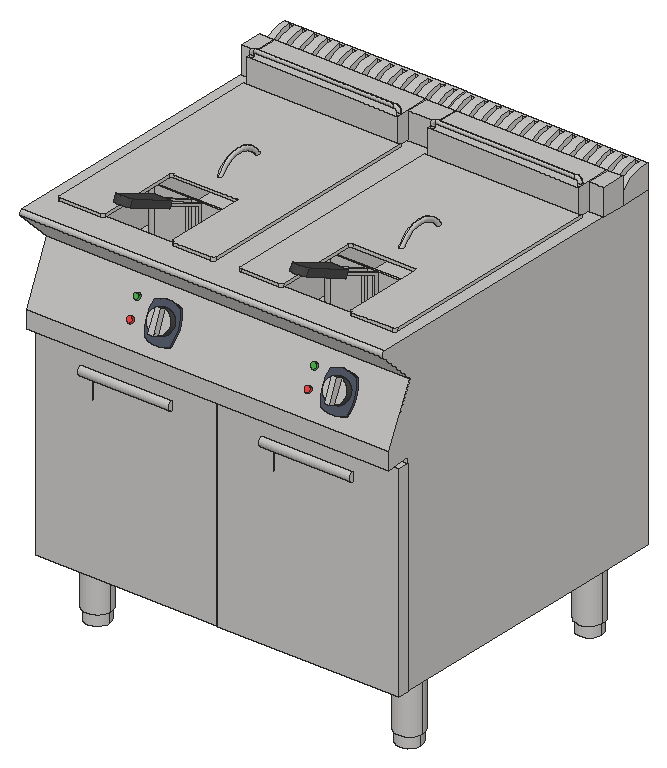
Revit family "QF_ELECTROLUXPROFESSIONAL_371085_E7FREH2FF0", category Specialty Equipment, Revit 2018
Family settings
  Round Connector Dimension = Use Diameter
  Part Type = Normal
  Work Plane-Based = No
  Always vertical = Yes
  Cut with Voids When Loaded = No
  Shared = No
  Room Calculation Point = No
Parameters
  Width = 800 mm  # constant formula
  Weight in Pounds = 179  # constant formula
  Watts = 17400 VA  # 17400 W
  Volts = 400 V  # constant formula
  URL Cutsheet = "www.electrolux.com/foodservice"
  URL = "www.electrolux.com/foodservice"
  Type Mark [instance] = ""
  Status [instance] = ""
  Specification by User [instance] = ""
  Specification by Manufacturer = ""
  Show Logo [instance] = yes
  Show Clearance [instance] = yes
  Serial Number = ""
  Seismic Rating = ""
  SMACNA No = ""
  Revision Code [instance] = ""
  Phase = 3  # constant formula
  Omniclass Number and Title = ""
  Number of Poles [instance] = 1
  NAFEM Spec ID Number = ""
  Model = "371085"
  Min Ckt Ampacity = 0 A
  Max Overcurrent Protection = 0 A
  Masterspec = ""
  Manufacturer = "ELECTROLUX"
  Item Number [instance] = ""
  Installed By [instance] = ""
  Identify Quantity as Lot [instance] = yes
  Height = 333 mm  # constant formula
  HP = "23.3 HP"
  Furnished By [instance] = ""
  Foodservice Equipment Identifier [instance] = yes
  FL Amps = if(Phase = 3, Watts / (Volts * 1.73), Watts / Volts)  # 25.1445 A
  Electrical Remarks [instance] = "400 V/3N ph/50/60 Hz"  # constant formula
  Electric Connection Type [instance] = ""
  Elec Conn RI Height [instance] = 0 mm
  Elec Conn Connection Height [instance] = 0 mm
  Direct Waste Size = 0"
  Description = "700XP Two 14 Lt. Wells Freestanding Electric Fryer - 400V"
  Depth = 730 mm  # constant formula
  Cycle = if([60 Hertz Option], 60 Hz, 50 Hz)  # 60 Hz
  Conn Plug = ""
  Conn Conduit = yes
  CSI MasterFormat = ""
  CSI Master Format = ""
  Base Height [instance] = 150 mm  # constant formula
  Apparent Power = if(Phase = 3, Volts * FL Amps * 1.73, Volts * FL Amps)  # 17400 VA
  60 Hertz Option = not([50 Hertz Option])  # yes
  50 Hertz Option = no
Reference planes
  plane 1 "BACK": y = 0
  plane 2: z = 0
  plane 3 "LEFT": x = 0
  plane 4 "RIGHT": x = 800
  plane 5 "FRONT": y = -730
  plane 6 "TOP": z = 905.238
  plane 7 "Center Y": x = 400
  plane 8 "Center X": y = -365
  plane 9 "BASE": z = 601
  plane 10 "TOP A": z = 850.238
  plane 11: y = -597.884
  plane 12: y = -147.637
  plane 13: z = 942.313
  plane 14: z = 150
Forms (mm)
  Extrusion 1, solid, material "QF_Finishes_Stainless Steel"
    sketch origin (0, 0, 0) x (0, 1, 0) y (0, 0, 1)
      loop
        line (0, 850.237) -> (-725.027, 850.237)
        arc (-725.027, 850.237) -> (-730.893, 846.318) -> (-729.517, 839.397) r 6.35
        line (-729.517, 839.397) -> (-657.416, 767.047) -> (-713.522, 646.19) -> (-713.522, 608.09) -> (-660.4, 613.7) -> (-660.4, 150) -> (0, 150) -> (0, 850.237)
      loop
        line (-661.987, 601) -> (-687.387, 601) -> (-687.387, 150) -> (-661.987, 150) -> (-661.987, 601)
    from 0 to 800
  Extrusion 2, solid, material "QF_Finishes_Stainless Steel"
    sketch origin (0, 0, 0) x (0, 1, 0) y (0, 0, 1)
      loop
        line (0, 850.237) -> (0, 905.237)
        arc (0, 905.237) -> (-38.078, 897.879) -> (-69.85, 875.637) r 93.057
        line (-69.85, 875.637) -> (-69.85, 850.237) -> (0, 850.237)
    from 0 to 800
  Extrusion 3, void
    sketch origin (0, 0, 850.238) x (-1, 0, 0) y (0, -1, 0)
      loop
        line (-33.338, 147.762) -> (-33.338, 655.762) -> (-373.012, 655.762) -> (-373.012, 147.762) -> (-33.338, 147.762)
      loop
        line (-766.662, 655.762) -> (-766.662, 147.762) -> (-426.988, 147.762) -> (-426.988, 655.762) -> (-766.662, 655.762)
    from 0 to -152.4
  Extrusion 4, void
    sketch origin (0, 0, 850.238) x (-1, 0, 0) y (0, -1, 0)
      loop
        line (-13.453, 6.761) -> (-13.453, 63.911) -> (-22.749, 63.911) -> (-22.749, 6.761) -> (-13.453, 6.761)
    from 25.4 to 63.5
  Extrusion 5, solid, material "QF_Finishes_Navy Blue"
    sketch origin (75, -713.522, 646.19) x (0, 0.421077, 0.907025) y (-1, 0, 0)
      loop
        arc (101.077, -565.788) -> (66.2, -558.771) -> (31.333, -565.832) r 89.894
        arc (31.333, -565.832) -> (24.638, -594.363) -> (31.333, -622.893) r 64.14
        arc (31.333, -622.893) -> (66.2, -629.955) -> (101.077, -622.938) r 89.894
        arc (101.077, -622.938) -> (107.792, -594.363) -> (101.077, -565.788) r 64.16
      loop
        arc (101.077, -176.965) -> (66.2, -169.948) -> (31.333, -177.01) r 89.894
        arc (31.333, -177.01) -> (24.638, -205.54) -> (31.333, -234.071) r 64.14
        arc (31.333, -234.071) -> (66.2, -241.136) -> (101.077, -234.115) r 89.853
        arc (101.077, -234.115) -> (107.792, -205.54) -> (101.077, -176.965) r 64.16
    from 0 to 3.175
  Extrusion 6, solid, material "QF_Finishes_Stainless Steel"
    sketch origin (75, -716.402, 647.527) x (0, 0.421077, 0.907025) y (-1, 0, 0)
      loop
        circle (68.826, -594.351) r 25.4
      loop
        circle (68.826, -205.413) r 25.4
    from 0 to 12.7
  Extrusion 7, solid, material "QF_Finishes_Stainless Steel"
    sketch origin (75, -727.921, 652.875) x (0, 0.421077, 0.907025) y (-1, 0, 0)
      loop
        arc (93.558, -600.137) -> (94.226, -594.351) -> (93.558, -588.564) r 25.4
        line (93.558, -588.564) -> (44.094, -588.564)
        arc (44.094, -588.564) -> (43.426, -594.351) -> (44.094, -600.137) r 25.4
        line (44.094, -600.137) -> (93.558, -600.137)
      loop
        arc (93.558, -211.199) -> (94.226, -205.413) -> (93.558, -199.627) r 25.4
        line (93.558, -199.627) -> (44.094, -199.627)
        arc (44.094, -199.627) -> (43.426, -205.413) -> (44.094, -211.199) r 25.4
        line (44.094, -211.199) -> (93.558, -211.199)
    from 0 to 12.7
  Extrusion 8, solid, material "QF_Finishes_Green"
    sketch origin (75, -713.522, 646.19) x (0, 0.421077, 0.907025) y (-1, 0, 0)
      loop
        circle (93.566, -530.485) r 6.35
      loop
        circle (93.566, -138.473) r 6.35
    from 0 to 3.175
  Extrusion 9, solid, material "QF_Finishes_Red"
    sketch origin (75, -713.522, 646.19) x (0, 0.421077, 0.907025) y (-1, 0, 0)
      loop
        circle (50.809, -530.485) r 6.35
      loop
        circle (50.809, -138.473) r 6.35
    from 0 to 3.175
  Extrusion 10, solid, material "QF_Finishes_Clearance", visible <- "Show Clearance", detail levels coarse
    sketch origin (0, 0, 0) x (1, 0, 0) y (0, 1, 0)
      loop
        line (0, -731.377) -> (0, 0) -> (800, 0) -> (800, -731.377) -> (950.019, -731.377) -> (950.019, 150.019) -> (-150.019, 150.019) -> (-150.019, -731.377) -> (0, -731.377)
    from 0 to 905.237
  Extrusion 11, solid, material "QF_Finishes_Stainless Steel"
    sketch origin (-77.88, -4572, 850.238) x (-1, 0, 0) y (0, -1, 0)
      loop
        arc (-104.867, -3916.238) -> (-106.727, -3911.748) -> (-111.217, -3909.888) r 6.35
        line (-111.217, -3909.888) -> (-200.117, -3909.888)
        arc (-200.117, -3909.888) -> (-204.607, -3911.748) -> (-206.467, -3916.238) r 6.35
        line (-206.467, -3916.238) -> (-206.467, -4090.988)
        arc (-206.467, -4090.988) -> (-208.327, -4095.479) -> (-212.817, -4097.338) r 6.35
        line (-212.817, -4097.338) -> (-349.292, -4097.338)
        arc (-349.292, -4097.338) -> (-353.782, -4095.479) -> (-355.642, -4090.988) r 6.35
        line (-355.642, -4090.988) -> (-355.642, -3916.238)
        arc (-355.642, -3916.238) -> (-357.502, -3911.748) -> (-361.992, -3909.888) r 6.35
        line (-361.992, -3909.888) -> (-444.542, -3909.888)
        arc (-444.542, -3909.888) -> (-449.032, -3911.748) -> (-450.892, -3916.238) r 6.35
        line (-450.892, -3916.238) -> (-450.892, -4424.238) -> (-104.867, -4424.238) -> (-104.867, -3916.238)
      loop
        line (-850.892, -3916.238) -> (-850.892, -4424.238) -> (-504.867, -4424.238) -> (-504.867, -3916.238)
        arc (-504.867, -3916.238) -> (-506.727, -3911.748) -> (-511.217, -3909.888) r 6.35
        line (-511.217, -3909.888) -> (-593.767, -3909.888)
        arc (-593.767, -3909.888) -> (-598.257, -3911.748) -> (-600.117, -3916.238) r 6.35
        line (-600.117, -3916.238) -> (-600.117, -4090.988)
        arc (-600.117, -4090.988) -> (-601.977, -4095.479) -> (-606.467, -4097.338) r 6.35
        line (-606.467, -4097.338) -> (-742.942, -4097.338)
        arc (-742.942, -4097.338) -> (-747.432, -4095.479) -> (-749.292, -4090.988) r 6.35
        line (-749.292, -4090.988) -> (-749.292, -3916.238)
        arc (-749.292, -3916.238) -> (-751.152, -3911.748) -> (-755.642, -3909.888) r 6.35
        line (-755.642, -3909.888) -> (-844.542, -3909.888)
        arc (-844.542, -3909.888) -> (-849.032, -3911.748) -> (-850.892, -3916.238) r 6.35
    from 0 to 6.35
  Extrusion 12, solid, material "QF_Finishes_Black"
    sketch origin (271.462, -708.83, 942.26) x (0, 0.906308, -0.422618) y (-1, 0, 0)
      loop
        line (10.103, 47.37) -> (128.716, 47.37) -> (128.716, 84.605) -> (10.103, 84.605)
        arc (10.103, 84.605) -> (-0.124, 65.987) -> (10.103, 47.37) r 22.059
    from -15.884 to 0
  Extrusion 13, solid, material "QF_Finishes_Stainless Steel"
    sketch origin (271.463, 41.275, 0) x (0, 1, 0) y (0, 0, 1)
      loop
        line (-547.91, 741.238) -> (-547.91, 842.715) -> (-635.463, 883.542) -> (-638.147, 877.787) -> (-554.26, 838.67) -> (-554.26, 741.238) -> (-547.91, 741.238)
    from -80.476 to -74.619
  Extrusion 14, solid, material "QF_Finishes_Stainless Steel"
    sketch origin (139.588, 41.275, 0) x (0, 1, 0) y (0, 0, -1)
      loop
        line (-554.26, -838.67) -> (-638.147, -877.787) -> (-635.463, -883.542) -> (-547.91, -842.715) -> (-547.91, -741.238) -> (-554.26, -741.238) -> (-554.26, -838.67)
    from -80.476 to -74.619
  Sweep 15, solid, material "QF_Finishes_Stainless Steel"
    path origin (200.025, -0.124, 0) x (0, 1, 0) y (0, 0, 1)
      loop
        arc (-323.261, 850.238) -> (-377.7, 884.016) -> (-432.139, 850.238) r 60.757
    profile origin (200.025, -377.824, 884.016) x (0, 0, -1) y (1, 0, 0)
      loop
        circle (0, 0) r 4.353
  Sweep 16, solid, material "QF_Finishes_Stainless Steel"
    path origin (600.075, -0.124, 0) x (0, 1, 0) y (0, 0, -1)
      loop
        arc (-323.261, -850.238) -> (-377.7, -884.016) -> (-432.139, -850.238) r 60.757
    profile origin (600.075, -377.824, 884.016) x (0, 0, 1) y (-1, 0, 0)
      loop
        circle (0, 0) r 4.353
  Extrusion 17, solid, material "QF_Finishes_Black"
    sketch origin (528.637, -708.83, 942.26) x (0, 0.906308, -0.422618) y (-1, 0, 0)
      loop
        arc (10.103, -47.27) -> (-0.124, -65.887) -> (10.103, -84.505) r 22.059
        line (10.103, -84.505) -> (128.716, -84.505) -> (128.716, -47.27) -> (10.103, -47.27)
    from -15.884 to 0
  Extrusion 18, solid, material "QF_Finishes_Mesh"
    sketch origin (0, 0, 850.238) x (-1, 0, 0) y (0, -1, 0)
      loop
        arc (-116.625, 189.135) -> (-98.665, 196.575) -> (-91.225, 214.535) r 25.4
        line (-91.225, 214.535) -> (-91.225, 481.11)
        arc (-91.225, 481.11) -> (-98.665, 499.071) -> (-116.625, 506.51) r 25.4
        line (-116.625, 506.51) -> (-294.375, 506.51)
        arc (-294.375, 506.51) -> (-312.336, 499.071) -> (-319.775, 481.11) r 25.4
        line (-319.775, 481.11) -> (-319.775, 214.535)
        arc (-319.775, 214.535) -> (-312.336, 196.575) -> (-294.375, 189.135) r 25.4
        line (-294.375, 189.135) -> (-116.625, 189.135)
      loop
        arc (-116.625, 192.31) -> (-100.91, 198.82) -> (-94.4, 214.535) r 22.225
        line (-94.4, 214.535) -> (-94.4, 481.11)
        arc (-94.4, 481.11) -> (-100.91, 496.826) -> (-116.625, 503.335) r 22.225
        line (-116.625, 503.335) -> (-294.375, 503.335)
        arc (-294.375, 503.335) -> (-310.091, 496.826) -> (-316.6, 481.11) r 22.225
        line (-316.6, 481.11) -> (-316.6, 214.535)
        arc (-316.6, 214.535) -> (-310.091, 198.82) -> (-294.375, 192.31) r 22.225
        line (-294.375, 192.31) -> (-116.625, 192.31)
      loop
        line (-683.375, 189.135) -> (-505.625, 189.135)
        arc (-505.625, 189.135) -> (-487.664, 196.575) -> (-480.225, 214.535) r 25.4
        line (-480.225, 214.535) -> (-480.225, 481.11)
        arc (-480.225, 481.11) -> (-487.664, 499.071) -> (-505.625, 506.51) r 25.4
        line (-505.625, 506.51) -> (-683.375, 506.51)
        arc (-683.375, 506.51) -> (-701.335, 499.071) -> (-708.775, 481.11) r 25.4
        line (-708.775, 481.11) -> (-708.775, 214.535)
        arc (-708.775, 214.535) -> (-701.335, 196.575) -> (-683.375, 189.135) r 25.4
      loop
        line (-683.375, 192.31) -> (-505.625, 192.31)
        arc (-505.625, 192.31) -> (-489.909, 198.82) -> (-483.4, 214.535) r 22.225
        line (-483.4, 214.535) -> (-483.4, 481.11)
        arc (-483.4, 481.11) -> (-489.909, 496.826) -> (-505.625, 503.335) r 22.225
        line (-505.625, 503.335) -> (-683.375, 503.335)
        arc (-683.375, 503.335) -> (-699.09, 496.826) -> (-705.6, 481.11) r 22.225
        line (-705.6, 481.11) -> (-705.6, 214.535)
        arc (-705.6, 214.535) -> (-699.09, 198.82) -> (-683.375, 192.31) r 22.225
    from -109 to -5.315
  Extrusion 19, solid, material "QF_Finishes_Stainless Steel"
    sketch origin (528.637, 41.275, 0) x (0, 1, 0) y (0, 0, -1)
      loop
        line (-547.91, -741.238) -> (-554.26, -741.238) -> (-554.26, -838.67) -> (-638.147, -877.787) -> (-635.463, -883.542) -> (-547.91, -842.715) -> (-547.91, -741.238)
    from -80.476 to -74.619
  Extrusion 20, solid, material "QF_Finishes_Stainless Steel"
    sketch origin (660.512, 41.275, 0) x (0, 1, 0) y (0, 0, 1)
      loop
        line (-554.26, 838.67) -> (-554.26, 741.238) -> (-547.91, 741.238) -> (-547.91, 842.715) -> (-635.463, 883.542) -> (-638.147, 877.787) -> (-554.26, 838.67)
    from -80.476 to -74.619
  Extrusion 21, void
    sketch origin (361.95, 0, 850.237) x (-1, 0, 0) y (0, -1, 0)
      loop
        line (-13.403, 6.761) -> (-13.403, 63.911) -> (-22.699, 63.911) -> (-22.699, 6.761) -> (-13.403, 6.761)
    from 25.4 to 63.5
  Extrusion 22, void
    sketch origin (27.842, 0, 850.238) x (-1, 0, 0) y (0, -1, 0)
      loop
        line (-13.453, 6.761) -> (-13.453, 63.911) -> (-22.749, 63.911) -> (-22.749, 6.761) -> (-13.453, 6.761)
    from 25.4 to 63.5
  Extrusion 23, void
    sketch origin (55.685, 0, 850.238) x (-1, 0, 0) y (0, -1, 0)
      loop
        line (-13.453, 6.761) -> (-13.453, 63.911) -> (-22.749, 63.911) -> (-22.749, 6.761) -> (-13.453, 6.761)
    from 25.4 to 63.5
  Extrusion 24, void
    sketch origin (83.527, 0, 850.238) x (-1, 0, 0) y (0, -1, 0)
      loop
        line (-13.453, 6.761) -> (-13.453, 63.911) -> (-22.749, 63.911) -> (-22.749, 6.761) -> (-13.453, 6.761)
    from 25.4 to 63.5
  Extrusion 25, void
    sketch origin (111.369, 0, 850.237) x (-1, 0, 0) y (0, -1, 0)
      loop
        line (-13.453, 6.761) -> (-13.453, 63.911) -> (-22.749, 63.911) -> (-22.749, 6.761) -> (-13.453, 6.761)
    from 25.4 to 63.5
  Extrusion 26, void
    sketch origin (139.212, 0, 850.237) x (-1, 0, 0) y (0, -1, 0)
      loop
        line (-13.453, 6.761) -> (-13.453, 63.911) -> (-22.749, 63.911) -> (-22.749, 6.761) -> (-13.453, 6.761)
    from 25.4 to 63.5
  Extrusion 27, void
    sketch origin (167.054, 0, 850.237) x (-1, 0, 0) y (0, -1, 0)
      loop
        line (-13.453, 6.761) -> (-13.453, 63.911) -> (-22.749, 63.911) -> (-22.749, 6.761) -> (-13.453, 6.761)
    from 25.4 to 63.5
  Extrusion 28, void
    sketch origin (194.896, 0, 850.237) x (-1, 0, 0) y (0, -1, 0)
      loop
        line (-13.403, 6.761) -> (-13.403, 63.911) -> (-22.699, 63.911) -> (-22.699, 6.761) -> (-13.403, 6.761)
    from 25.4 to 63.5
  Extrusion 29, void
    sketch origin (222.738, 0, 850.237) x (-1, 0, 0) y (0, -1, 0)
      loop
        line (-13.403, 6.761) -> (-13.403, 63.911) -> (-22.699, 63.911) -> (-22.699, 6.761) -> (-13.403, 6.761)
    from 25.4 to 63.5
  Extrusion 30, void
    sketch origin (250.581, 0, 850.237) x (-1, 0, 0) y (0, -1, 0)
      loop
        line (-13.403, 6.761) -> (-13.403, 63.911) -> (-22.699, 63.911) -> (-22.699, 6.761) -> (-13.403, 6.761)
    from 25.4 to 63.5
  Extrusion 31, void
    sketch origin (278.423, 0, 850.237) x (-1, 0, 0) y (0, -1, 0)
      loop
        line (-13.403, 6.761) -> (-13.403, 63.911) -> (-22.699, 63.911) -> (-22.699, 6.761) -> (-13.403, 6.761)
    from 25.4 to 63.5
  Extrusion 32, void
    sketch origin (306.265, 0, 850.237) x (-1, 0, 0) y (0, -1, 0)
      loop
        line (-13.403, 6.761) -> (-13.403, 63.911) -> (-22.699, 63.911) -> (-22.699, 6.761) -> (-13.403, 6.761)
    from 25.4 to 63.5
  Extrusion 33, void
    sketch origin (334.108, 0, 850.237) x (-1, 0, 0) y (0, -1, 0)
      loop
        line (-13.403, 6.761) -> (-13.403, 63.911) -> (-22.699, 63.911) -> (-22.699, 6.761) -> (-13.403, 6.761)
    from 25.4 to 63.5
  Extrusion 34, void
    sketch origin (800.1, 0, 850.237) x (1, 0, 0) y (0, 1, 0)
      loop
        line (-13.553, -6.761) -> (-22.849, -6.761) -> (-22.849, -63.911) -> (-13.553, -63.911) -> (-13.553, -6.761)
    from 25.4 to 63.5
  Extrusion 35, void
    sketch origin (438.15, 0, 850.237) x (1, 0, 0) y (0, 1, 0)
      loop
        line (-13.503, -6.761) -> (-22.799, -6.761) -> (-22.799, -63.911) -> (-13.503, -63.911) -> (-13.503, -6.761)
    from 25.4 to 63.5
  Extrusion 36, void
    sketch origin (772.258, 0, 850.237) x (1, 0, 0) y (0, 1, 0)
      loop
        line (-13.553, -6.761) -> (-22.849, -6.761) -> (-22.849, -63.911) -> (-13.553, -63.911) -> (-13.553, -6.761)
    from 25.4 to 63.5
  Extrusion 37, void
    sketch origin (744.415, 0, 850.237) x (1, 0, 0) y (0, 1, 0)
      loop
        line (-13.553, -6.761) -> (-22.849, -6.761) -> (-22.849, -63.911) -> (-13.553, -63.911) -> (-13.553, -6.761)
    from 25.4 to 63.5
  Extrusion 38, void
    sketch origin (716.573, 0, 850.237) x (1, 0, 0) y (0, 1, 0)
      loop
        line (-13.553, -6.761) -> (-22.849, -6.761) -> (-22.849, -63.911) -> (-13.553, -63.911) -> (-13.553, -6.761)
    from 25.4 to 63.5
  Extrusion 39, void
    sketch origin (688.731, 0, 850.237) x (1, 0, 0) y (0, 1, 0)
      loop
        line (-13.553, -6.761) -> (-22.849, -6.761) -> (-22.849, -63.911) -> (-13.553, -63.911) -> (-13.553, -6.761)
    from 25.4 to 63.5
  Extrusion 40, void
    sketch origin (660.888, 0, 850.237) x (1, 0, 0) y (0, 1, 0)
      loop
        line (-13.553, -6.761) -> (-22.849, -6.761) -> (-22.849, -63.911) -> (-13.553, -63.911) -> (-13.553, -6.761)
    from 25.4 to 63.5
  Extrusion 41, void
    sketch origin (633.046, 0, 850.237) x (1, 0, 0) y (0, 1, 0)
      loop
        line (-13.553, -6.761) -> (-22.849, -6.761) -> (-22.849, -63.911) -> (-13.553, -63.911) -> (-13.553, -6.761)
    from 25.4 to 63.5
  Extrusion 42, void
    sketch origin (605.204, 0, 850.237) x (1, 0, 0) y (0, 1, 0)
      loop
        line (-13.503, -6.761) -> (-22.799, -6.761) -> (-22.799, -63.911) -> (-13.503, -63.911) -> (-13.503, -6.761)
    from 25.4 to 63.5
  Extrusion 43, void
    sketch origin (577.362, 0, 850.237) x (1, 0, 0) y (0, 1, 0)
      loop
        line (-13.503, -6.761) -> (-22.799, -6.761) -> (-22.799, -63.911) -> (-13.503, -63.911) -> (-13.503, -6.761)
    from 25.4 to 63.5
  Extrusion 44, void
    sketch origin (549.519, 0, 850.237) x (1, 0, 0) y (0, 1, 0)
      loop
        line (-13.503, -6.761) -> (-22.799, -6.761) -> (-22.799, -63.911) -> (-13.503, -63.911) -> (-13.503, -6.761)
    from 25.4 to 63.5
  Extrusion 45, void
    sketch origin (521.677, 0, 850.237) x (1, 0, 0) y (0, 1, 0)
      loop
        line (-13.503, -6.761) -> (-22.799, -6.761) -> (-22.799, -63.911) -> (-13.503, -63.911) -> (-13.503, -6.761)
    from 25.4 to 63.5
  Extrusion 46, void
    sketch origin (493.835, 0, 850.237) x (1, 0, 0) y (0, 1, 0)
      loop
        line (-13.503, -6.761) -> (-22.799, -6.761) -> (-22.799, -63.911) -> (-13.503, -63.911) -> (-13.503, -6.761)
    from 25.4 to 63.5
  Extrusion 47, void
    sketch origin (465.992, 0, 850.237) x (1, 0, 0) y (0, 1, 0)
      loop
        line (-13.503, -6.761) -> (-22.799, -6.761) -> (-22.799, -63.911) -> (-13.503, -63.911) -> (-13.503, -6.761)
    from 25.4 to 63.5
  Extrusion 48, void
    sketch origin (418.151, 0, 850.237) x (1, 0, 0) y (0, 1, 0)
      loop
        line (-16.563, 0) -> (-19.738, 0) -> (-19.738, -69.85) -> (-16.563, -69.85) -> (-16.563, 0)
    from 25.4 to 63.5
  Extrusion 49, void
    sketch origin (0, -660.4, 601) x (0, 0, 1) y (-1, 0, 0)
      loop
        line (0, -398.363) -> (-451, -398.363) -> (-451, -401.538) -> (0, -401.538) -> (0, -398.363)
    from 0 to 27
  Extrusion 50, void
    sketch origin (200.025, 0, 0) x (0, 1, 0) y (0, 0, 1)
      loop
        line (-687.137, 541) -> (-687.137, 499.788) -> (-672.137, 541) -> (-687.137, 541)
    from -75 to 75
  Extrusion 51, solid, material "QF_Finishes_Stainless Steel"
    sketch origin (200.025, 0, 0) x (0, 1, 0) y (0, 0, 1)
      loop
        line (-687.137, 541) -> (-687.137, 561)
        arc (-687.137, 561) -> (-697.137, 551) -> (-687.137, 541) r 10
    from -100 to 100
  Extrusion 52, void
    sketch origin (600.075, 0, 0) x (0, 1, 0) y (0, 0, -1)
      loop
        line (-687.137, -541) -> (-672.137, -541) -> (-687.137, -499.788) -> (-687.137, -541)
    from -75 to 75
  Extrusion 53, solid, material "QF_Finishes_Stainless Steel"
    sketch origin (600.075, 0, 0) x (0, 1, 0) y (0, 0, -1)
      loop
        arc (-687.137, -541) -> (-697.137, -551) -> (-687.137, -561) r 10
        line (-687.137, -561) -> (-687.137, -541)
    from -100 to 100
  Revolve 54, solid, material "QF_Finishes_Stainless Steel"
    sketch origin (0, -587.387, 608.09) x (0, 0, 1) y (-1, 0, 0)
      loop
        line (-608.09, -56) -> (-458.09, -56) -> (-458.09, -26) -> (-583.09, -26) -> (-583.09, -29.75) -> (-608.09, -29.75) -> (-608.09, -56)
      axis (-608.09, -56) -> (-458.09, -56)
    angle from 0 to 360
  Revolve 55, solid, material "QF_Finishes_Stainless Steel"
    sketch origin (0, -90, 608.09) x (0, 0, 1) y (-1, 0, 0)
      loop
        line (-608.09, -56) -> (-458.09, -56) -> (-458.09, -26) -> (-583.09, -26) -> (-583.09, -29.75) -> (-608.09, -29.75) -> (-608.09, -56)
      axis (-608.09, -56) -> (-458.09, -56)
    angle from 0 to 360
  Revolve 56, solid, material "QF_Finishes_Stainless Steel"
    sketch origin (800.1, -587.387, 608.09) x (0, 0, 1) y (-1, 0, 0)
      loop
        line (-608.09, 56.1) -> (-608.09, 29.85) -> (-583.09, 29.85) -> (-583.09, 26.1) -> (-458.09, 26.1) -> (-458.09, 56.1) -> (-608.09, 56.1)
      axis (-608.09, 56.1) -> (-458.09, 56.1)
    angle from 0 to 360
  Revolve 57, solid, material "QF_Finishes_Stainless Steel"
    sketch origin (800.1, -90, 608.09) x (0, 0, 1) y (-1, 0, 0)
      loop
        line (-608.09, 56.1) -> (-608.09, 29.85) -> (-583.09, 29.85) -> (-583.09, 26.1) -> (-458.09, 26.1) -> (-458.09, 56.1) -> (-608.09, 56.1)
      axis (-608.09, 56.1) -> (-458.09, 56.1)
    angle from 0 to 360
  Extrusion 58, solid, material "QF_Finishes_Door Clearance", visible <- "Show Clearance", detail levels coarse
    sketch origin (0, 0, 850.238) x (-1, 0, 0) y (0, -1, 0)
      loop
        arc (-401.587, 687.137) -> (-518.28, 968.858) -> (-800, 1085.55) r 398.413
        line (-800, 1085.55) -> (-800, 687.137) -> (-401.587, 687.137)
      loop
        line (-398.412, 687.138) -> (0, 687.137) -> (0, 1085.55)
        arc (0, 1085.55) -> (-281.72, 968.858) -> (-398.412, 687.138) r 398.412
    from -700.237 to -249.237
  Extrusion 59, solid, material "QF_Finishes_Stainless Steel"
    sketch origin (-77.88, -4572, 601) x (-1, 0, 0) y (0, -1, 0)
      loop
        circle (-821.88, -4067) r 12.7
    from 0 to -12.7
  Sweep 60, solid, material "QF_Finishes_Stainless Steel"
    path origin (0, 1.513, 575.6) x (1, 0, 0) y (0, 0, 1)
      loop
        line (39.688, 333.375) -> (39.688, 338.225)
        arc (39.688, 338.225) -> (41.547, 342.715) -> (46.038, 344.575) r 6.35
        line (46.038, 344.575) -> (353.919, 344.575)
        arc (353.919, 344.575) -> (358.41, 342.715) -> (360.269, 338.225) r 6.35
        line (360.269, 338.225) -> (360.269, 333.375)
    profile origin (39.688, 1.513, 911.4) x (-1, 0, 0) y (0, -1, 0)
      loop
        circle (2.09, 140.754) r 3.827
  Extrusion 61, solid, material "QF_Finishes_Stainless Steel"
    sketch origin (-77.88, -4572, 850.238) x (-1, 0, 0) y (0, -1, 0)
      loop
        line (-77.88, -4502.15) -> (-77.88, -4451.35) -> (-109.63, -4451.35) -> (-109.63, -4502.15) -> (-77.88, -4502.15)
      loop
        line (-509.63, -4502.15) -> (-446.13, -4502.15) -> (-446.13, -4451.35) -> (-509.63, -4451.35) -> (-509.63, -4502.15)
      loop
        line (-877.88, -4502.15) -> (-846.13, -4502.15) -> (-846.13, -4451.35) -> (-877.88, -4451.35) -> (-877.88, -4502.15)
    from 0 to 58.738
  Extrusion 62, solid, material "QF_Finishes_Stainless Steel"
    sketch origin (-77.88, -4572, 850.238) x (-1, 0, 0) y (0, -1, 0)
      loop
        line (-111.217, -4424.238) -> (-444.542, -4424.238) -> (-444.542, -4502.15) -> (-111.217, -4502.15) -> (-111.217, -4424.238)
      loop
        line (-844.542, -4424.238) -> (-844.542, -4502.15) -> (-511.217, -4502.15) -> (-511.217, -4424.238) -> (-844.542, -4424.238)
    from 0 to 58.738
  Sweep 63, solid, material "QF_Finishes_Stainless Steel"
    path origin (800.1, 1.513, 575.6) x (-1, 0, 0) y (0, 0, -1)
      loop
        line (39.788, -333.375) -> (39.788, -338.225)
        arc (39.788, -338.225) -> (41.647, -342.715) -> (46.138, -344.575) r 6.35
        line (46.138, -344.575) -> (354.019, -344.575)
        arc (354.019, -344.575) -> (358.51, -342.715) -> (360.369, -338.225) r 6.35
        line (360.369, -338.225) -> (360.369, -333.375)
    profile origin (760.312, 1.513, 911.4) x (-1, 0, 0) y (0, -1, 0)
      loop
        circle (-2.09, 140.754) r 3.827
Cuts and joins
  Extrusion 3, Extrusion 4, Extrusion 49, Extrusion 50, Extrusion 52 cuts Extrusion 1
  Extrusion 4, Extrusion 21, Extrusion 22, Extrusion 23, Extrusion 24, Extrusion 25, Extrusion 26, Extrusion 27, Extrusion 28, Extrusion 29, Extrusion 30, Extrusion 31, Extrusion 32, Extrusion 33, Extrusion 34, Extrusion 35, Extrusion 36, Extrusion 37, Extrusion 38, Extrusion 39, Extrusion 40, Extrusion 41, Extrusion 42, Extrusion 43, Extrusion 44, Extrusion 45, Extrusion 46, Extrusion 47, Extrusion 48 cuts Extrusion 2
  joined: Extrusion 6, Extrusion 7
  joined: Extrusion 11, Sweep 15, Sweep 16
  Extrusion 21, Extrusion 22, Extrusion 23, Extrusion 24, Extrusion 25, Extrusion 26, Extrusion 27, Extrusion 28, Extrusion 29, Extrusion 30, Extrusion 31, Extrusion 32, Extrusion 33, Extrusion 34, Extrusion 35, Extrusion 36, Extrusion 37, Extrusion 38, Extrusion 39, Extrusion 40, Extrusion 41, Extrusion 42, Extrusion 43, Extrusion 44, Extrusion 45, Extrusion 46, Extrusion 47, Extrusion 48, Extrusion 50, Extrusion 52 cuts Extrusion 10
  Extrusion 50, Extrusion 52 cuts Extrusion 51
  Extrusion 52 cuts Extrusion 53
Lines and regions (mm)
  symbolic lines, style "QF-Clearances", visible <- "Show Clearance", detail levels coarse
    curve 1: line (-150.019, 150.019, 850.238) -> (-150.019, -731.377, 850.238)
    curve 2: line (950.019, 150.019, 850.237) -> (-150.019, 150.019, 850.238)
    curve 3: line (950.019, -731.377, 850.237) -> (950.019, 150.019, 850.237)
  symbolic lines
    curve 4: line (0, 0, 850.238) -> (800, 0, 850.237)
    curve 5: line (0, -730, 850.238) -> (0, 0, 850.238)
    curve 6: line (800, -730, 850.237) -> (0, -730, 850.238)
    curve 7: line (800, 0, 850.237) -> (800, -730, 850.237)
    curve 8: line (22.749, -6.761, 850.238) -> (22.749, -63.911, 850.238)
    curve 9: line (13.453, -63.911, 850.238) -> (13.453, -6.761, 850.238)
    curve 10: line (13.453, -6.761, 850.238) -> (22.749, -6.761, 850.238)
    curve 11: line (26.988, -147.762, 850.238) -> (26.988, -655.762, 850.238)
    curve 12: arc (26.988, -655.762, 850.238) -> (28.847, -660.252, 850.238) -> (33.338, -662.112, 850.238) r 6.35
    curve 13: line (33.338, -662.112, 850.238) -> (122.188, -662.112, 850.237)
    curve 14: arc (122.188, -662.112, 850.237) -> (126.678, -660.252, 850.237) -> (128.538, -655.762, 850.237) r 6.35
    curve 15: line (128.538, -655.762, 850.237) -> (128.538, -481.012, 850.237)
    curve 16: arc (128.537, -481.012, 850.237) -> (130.397, -476.521, 850.237) -> (134.887, -474.662, 850.237) r 6.35
    curve 17: line (134.887, -474.662, 850.237) -> (271.412, -474.662, 850.237)
    curve 18: arc (271.412, -474.662, 850.237) -> (275.903, -476.521, 850.237) -> (277.762, -481.012, 850.237) r 6.35
    curve 19: line (277.762, -481.012, 850.237) -> (277.762, -655.762, 850.237)
    curve 20: arc (277.762, -655.762, 850.237) -> (279.622, -660.252, 850.237) -> (284.112, -662.112, 850.237) r 6.35
    curve 21: line (284.112, -662.112, 850.237) -> (366.662, -662.112, 850.237)
    curve 22: arc (366.662, -662.112, 850.237) -> (371.153, -660.252, 850.237) -> (373.012, -655.762, 850.237) r 6.35
    curve 23: line (373.012, -655.762, 850.237) -> (373.012, -147.762, 850.237)
    curve 24: line (373.012, -147.762, 850.237) -> (26.988, -147.762, 850.238)
    curve 25: line (0, -69.85, 850.238) -> (398.413, -69.85, 850.237)
    curve 26: line (224.093, -706.386, 850.237) -> (224.093, -592.174, 850.237)
    curve 27: line (224.093, -592.174, 850.237) -> (186.858, -592.174, 850.237)
    curve 28: line (186.858, -592.174, 850.237) -> (186.858, -706.386, 850.237)
    curve 29: spline (224.093, -706.386, 850.237) -> (221.86, -709.048, 850.237) -> (219.17, -711.336, 850.237) -> (216.096, -713.185, 850.237) -> (212.725, -714.544, 850.237) -> (209.152, -715.375, 850.237) -> (205.475, -715.655, 850.237) -> (201.799, -715.375, 850.237) -> (198.225, -714.544, 850.237) -> (194.855, -713.185, 850.237) -> (191.781, -711.336, 850.237) -> (189.09, -709.048, 850.237) -> (186.858, -706.386, 850.237)
    curve 30: line (128.538, -655.762, 850.237) -> (186.858, -655.762, 850.237)
    curve 31: line (224.093, -655.762, 850.237) -> (277.762, -655.762, 850.237)
    curve 32: line (196.794, -506.51, 850.237) -> (196.794, -592.174, 850.237)
    curve 33: line (190.937, -592.174, 850.237) -> (190.937, -506.51, 850.237)
    curve 34: line (220.014, -506.51, 850.237) -> (220.014, -592.174, 850.237)
    curve 35: line (214.157, -592.174, 850.237) -> (214.157, -506.51, 850.237)
    curve 36: spline (186.858, -699.673, 850.237) -> (189.09, -702.336, 850.237) -> (191.781, -704.623, 850.237) -> (194.855, -706.473, 850.237) -> (198.225, -707.832, 850.237) -> (201.799, -708.663, 850.237) -> (205.475, -708.942, 850.237) -> (209.152, -708.663, 850.237) -> (212.725, -707.832, 850.237) -> (216.096, -706.473, 850.237) -> (219.17, -704.623, 850.237) -> (221.86, -702.336, 850.237) -> (224.093, -699.673, 850.237)
    curve 37: line (195.52, -428.432, 850.237) -> (195.52, -326.969, 850.237)
    curve 38: line (204.418, -326.969, 850.237) -> (204.418, -428.432, 850.237)
    curve 39: arc (195.52, -428.432, 850.237) -> (199.969, -432.882, 850.237) -> (204.418, -428.432, 850.237) r 4.449
    curve 40: arc (195.52, -326.969, 850.237) -> (199.969, -322.52, 850.237) -> (204.418, -326.969, 850.237) r 4.449
    curve 41: line (128.538, -503.335, 850.237) -> (277.762, -503.335, 850.237)
    curve 42: line (128.538, -506.51, 850.237) -> (277.762, -506.51, 850.237)
    curve 43: line (773.013, -147.762, 850.237) -> (773.013, -655.762, 850.237)
    curve 44: arc (773.013, -655.762, 850.237) -> (771.153, -660.252, 850.237) -> (766.663, -662.112, 850.237) r 6.35
    curve 45: line (766.663, -662.112, 850.237) -> (677.763, -662.112, 850.237)
    curve 46: arc (677.763, -662.112, 850.237) -> (673.272, -660.252, 850.237) -> (671.413, -655.762, 850.237) r 6.35
    curve 47: line (671.413, -655.762, 850.237) -> (671.413, -481.012, 850.237)
    curve 48: arc (671.413, -481.012, 850.237) -> (669.553, -476.521, 850.237) -> (665.063, -474.662, 850.237) r 6.35
    curve 49: line (665.063, -474.662, 850.237) -> (528.538, -474.662, 850.237)
    curve 50: arc (528.538, -474.662, 850.237) -> (524.047, -476.521, 850.237) -> (522.188, -481.012, 850.237) r 6.35
    curve 51: line (522.188, -481.012, 850.237) -> (522.188, -655.762, 850.237)
    curve 52: arc (522.188, -655.762, 850.237) -> (520.328, -660.252, 850.237) -> (515.838, -662.112, 850.237) r 6.35
    curve 53: line (515.838, -662.112, 850.237) -> (433.338, -662.112, 850.237)
    curve 54: arc (433.338, -662.112, 850.237) -> (428.847, -660.252, 850.237) -> (426.988, -655.762, 850.237) r 6.35
    curve 55: line (426.988, -655.762, 850.237) -> (426.988, -147.762, 850.237)
    curve 56: line (426.988, -147.762, 850.237) -> (773.013, -147.762, 850.237)
    curve 57: line (575.857, -706.386, 850.237) -> (575.857, -592.174, 850.237)
    curve 58: line (575.857, -592.174, 850.237) -> (613.092, -592.174, 850.237)
    curve 59: line (613.092, -592.174, 850.237) -> (613.092, -706.386, 850.237)
    curve 60: spline (575.857, -706.386, 850.237) -> (578.09, -709.048, 850.237) -> (580.78, -711.336, 850.237) -> (583.854, -713.185, 850.237) -> (587.225, -714.544, 850.237) -> (590.798, -715.375, 850.237) -> (594.475, -715.655, 850.237) -> (598.151, -715.375, 850.237) -> (601.725, -714.544, 850.237) -> (605.095, -713.185, 850.237) -> (608.169, -711.336, 850.237) -> (610.86, -709.048, 850.237) -> (613.092, -706.386, 850.237)
    curve 61: line (671.413, -655.762, 850.237) -> (613.092, -655.762, 850.237)
    curve 62: line (575.857, -655.762, 850.237) -> (522.188, -655.762, 850.237)
    curve 63: line (603.156, -506.51, 850.237) -> (603.156, -592.174, 850.237)
    curve 64: line (609.013, -592.174, 850.237) -> (609.013, -506.51, 850.237)
    curve 65: line (579.936, -506.51, 850.237) -> (579.936, -592.174, 850.237)
    curve 66: line (585.793, -592.174, 850.237) -> (585.793, -506.51, 850.237)
    curve 67: spline (613.092, -699.673, 850.237) -> (610.86, -702.336, 850.237) -> (608.169, -704.623, 850.237) -> (605.095, -706.473, 850.237) -> (601.725, -707.832, 850.237) -> (598.151, -708.663, 850.237) -> (594.475, -708.942, 850.237) -> (590.798, -708.663, 850.237) -> (587.225, -707.832, 850.237) -> (583.854, -706.473, 850.237) -> (580.78, -704.623, 850.237) -> (578.09, -702.336, 850.237) -> (575.857, -699.673, 850.237)
    curve 68: line (604.43, -428.432, 850.237) -> (604.43, -326.969, 850.237)
    curve 69: line (595.532, -326.969, 850.237) -> (595.532, -428.432, 850.237)
    curve 70: arc (604.43, -428.432, 850.237) -> (599.981, -432.882, 850.237) -> (595.532, -428.432, 850.237) r 4.449
    curve 71: arc (604.43, -326.969, 850.237) -> (599.981, -322.52, 850.237) -> (595.532, -326.969, 850.237) r 4.449
    curve 72: line (671.413, -503.335, 850.237) -> (522.188, -503.335, 850.237)
    curve 73: line (671.413, -506.51, 850.237) -> (522.188, -506.51, 850.237)
    curve 74: line (37.598, -135.414, 850.238) -> (362.359, -135.414, 850.237)
    curve 75: line (37.598, -143.069, 850.238) -> (37.598, -135.414, 850.238)
    curve 76: line (362.359, -143.069, 850.237) -> (37.598, -143.069, 850.238)
    curve 77: line (362.359, -135.414, 850.237) -> (362.359, -143.069, 850.237)
    curve 78: line (437.641, -135.414, 850.237) -> (762.402, -135.414, 850.237)
    curve 79: line (437.641, -143.069, 850.237) -> (437.641, -135.414, 850.237)
    curve 80: line (762.402, -143.069, 850.237) -> (437.641, -143.069, 850.237)
    curve 81: line (762.402, -135.414, 850.237) -> (762.402, -143.069, 850.237)
    curve 82: line (384.649, -6.761, 850.237) -> (384.649, -63.911, 850.237)
    curve 83: line (375.353, -63.911, 850.237) -> (375.353, -6.761, 850.237)
    curve 84: line (375.353, -6.761, 850.237) -> (384.649, -6.761, 850.237)
    curve 85: line (50.541, -6.761, 850.238) -> (50.541, -63.911, 850.238)
    curve 86: line (41.245, -63.911, 850.238) -> (41.245, -6.761, 850.238)
    curve 87: line (41.245, -6.761, 850.238) -> (50.541, -6.761, 850.238)
    curve 88: line (78.383, -6.761, 850.238) -> (78.383, -63.911, 850.238)
    curve 89: line (69.087, -63.911, 850.238) -> (69.087, -6.761, 850.238)
    curve 90: line (69.087, -6.761, 850.238) -> (78.383, -6.761, 850.238)
    curve 91: line (106.225, -6.761, 850.237) -> (106.225, -63.911, 850.237)
    curve 92: line (96.93, -63.911, 850.238) -> (96.93, -6.761, 850.238)
    curve 93: line (96.93, -6.761, 850.238) -> (106.225, -6.761, 850.237)
    curve 94: line (134.068, -6.761, 850.237) -> (134.068, -63.911, 850.237)
    curve 95: line (124.772, -63.911, 850.237) -> (124.772, -6.761, 850.237)
    curve 96: line (124.772, -6.761, 850.237) -> (134.068, -6.761, 850.237)
    curve 97: line (161.91, -6.761, 850.237) -> (161.91, -63.911, 850.237)
    curve 98: line (152.614, -63.911, 850.237) -> (152.614, -6.761, 850.237)
    curve 99: line (152.614, -6.761, 850.237) -> (161.91, -6.761, 850.237)
    curve 100: line (189.752, -6.761, 850.237) -> (189.752, -63.911, 850.237)
    curve 101: line (180.457, -63.911, 850.237) -> (180.457, -6.761, 850.237)
    curve 102: line (180.457, -6.761, 850.237) -> (189.752, -6.761, 850.237)
    curve 103: line (217.595, -6.761, 850.237) -> (217.595, -63.911, 850.237)
    curve 104: line (208.299, -63.911, 850.237) -> (208.299, -6.761, 850.237)
    curve 105: line (208.299, -6.761, 850.237) -> (217.595, -6.761, 850.237)
    curve 106: line (245.437, -6.761, 850.237) -> (245.437, -63.911, 850.237)
    curve 107: line (236.141, -63.911, 850.237) -> (236.141, -6.761, 850.237)
    curve 108: line (236.141, -6.761, 850.237) -> (245.437, -6.761, 850.237)
    curve 109: line (273.279, -6.761, 850.237) -> (273.279, -63.911, 850.237)
    curve 110: line (263.984, -63.911, 850.237) -> (263.984, -6.761, 850.237)
    curve 111: line (263.984, -6.761, 850.237) -> (273.279, -6.761, 850.237)
    curve 112: line (301.122, -6.761, 850.237) -> (301.122, -63.911, 850.237)
    curve 113: line (291.826, -63.911, 850.237) -> (291.826, -6.761, 850.237)
    curve 114: line (291.826, -6.761, 850.237) -> (301.122, -6.761, 850.237)
    curve 115: line (328.964, -6.761, 850.237) -> (328.964, -63.911, 850.237)
    curve 116: line (319.668, -63.911, 850.237) -> (319.668, -6.761, 850.237)
    curve 117: line (319.668, -6.761, 850.237) -> (328.964, -6.761, 850.237)
    curve 118: line (356.806, -6.761, 850.237) -> (356.806, -63.911, 850.237)
    curve 119: line (347.511, -63.911, 850.237) -> (347.511, -6.761, 850.237)
    curve 120: line (347.511, -6.761, 850.237) -> (356.806, -6.761, 850.237)
    curve 121: line (777.251, -6.761, 850.237) -> (777.251, -63.911, 850.237)
    curve 122: line (786.547, -63.911, 850.237) -> (786.547, -6.761, 850.237)
    curve 123: line (786.547, -6.761, 850.237) -> (777.251, -6.761, 850.237)
    curve 124: line (415.301, -6.761, 850.237) -> (415.301, -63.911, 850.237)
    curve 125: line (424.597, -63.911, 850.237) -> (424.597, -6.761, 850.237)
    curve 126: line (424.597, -6.761, 850.237) -> (415.301, -6.761, 850.237)
    curve 127: line (749.409, -6.761, 850.237) -> (749.409, -63.911, 850.237)
    curve 128: line (758.705, -63.911, 850.237) -> (758.705, -6.761, 850.237)
    curve 129: line (758.705, -6.761, 850.237) -> (749.409, -6.761, 850.237)
    curve 130: line (721.567, -6.761, 850.237) -> (721.567, -63.911, 850.237)
    curve 131: line (730.863, -63.911, 850.237) -> (730.863, -6.761, 850.237)
    curve 132: line (730.863, -6.761, 850.237) -> (721.567, -6.761, 850.237)
    curve 133: line (693.725, -6.761, 850.237) -> (693.725, -63.911, 850.237)
    curve 134: line (703.02, -63.911, 850.237) -> (703.02, -6.761, 850.237)
    curve 135: line (703.02, -6.761, 850.237) -> (693.725, -6.761, 850.237)
    curve 136: line (665.882, -6.761, 850.237) -> (665.882, -63.911, 850.237)
    curve 137: line (675.178, -63.911, 850.237) -> (675.178, -6.761, 850.237)
    curve 138: line (675.178, -6.761, 850.237) -> (665.882, -6.761, 850.237)
    curve 139: line (638.04, -6.761, 850.237) -> (638.04, -63.911, 850.237)
    curve 140: line (647.336, -63.911, 850.237) -> (647.336, -6.761, 850.237)
    curve 141: line (647.336, -6.761, 850.237) -> (638.04, -6.761, 850.237)
    curve 142: line (610.198, -6.761, 850.237) -> (610.198, -63.911, 850.237)
    curve 143: line (619.493, -63.911, 850.237) -> (619.493, -6.761, 850.237)
    curve 144: line (619.493, -6.761, 850.237) -> (610.198, -6.761, 850.237)
    curve 145: line (582.355, -6.761, 850.237) -> (582.355, -63.911, 850.237)
    curve 146: line (591.651, -63.911, 850.237) -> (591.651, -6.761, 850.237)
    curve 147: line (591.651, -6.761, 850.237) -> (582.355, -6.761, 850.237)
    curve 148: line (554.513, -6.761, 850.237) -> (554.513, -63.911, 850.237)
    curve 149: line (563.809, -63.911, 850.237) -> (563.809, -6.761, 850.237)
    curve 150: line (563.809, -6.761, 850.237) -> (554.513, -6.761, 850.237)
    curve 151: line (526.671, -6.761, 850.237) -> (526.671, -63.911, 850.237)
    curve 152: line (535.966, -63.911, 850.237) -> (535.966, -6.761, 850.237)
    curve 153: line (535.966, -6.761, 850.237) -> (526.671, -6.761, 850.237)
    curve 154: line (498.828, -6.761, 850.237) -> (498.828, -63.911, 850.237)
    curve 155: line (508.124, -63.911, 850.237) -> (508.124, -6.761, 850.237)
    curve 156: line (508.124, -6.761, 850.237) -> (498.828, -6.761, 850.237)
    curve 157: line (470.986, -6.761, 850.237) -> (470.986, -63.911, 850.237)
    curve 158: line (480.282, -63.911, 850.237) -> (480.282, -6.761, 850.237)
    curve 159: line (480.282, -6.761, 850.237) -> (470.986, -6.761, 850.237)
    curve 160: line (443.144, -6.761, 850.237) -> (443.144, -63.911, 850.237)
    curve 161: line (452.439, -63.911, 850.237) -> (452.439, -6.761, 850.237)
    curve 162: line (452.439, -6.761, 850.237) -> (443.144, -6.761, 850.237)
    curve 163: line (401.588, -69.85, 850.237) -> (401.588, 0, 850.237)
    curve 164: line (398.413, 0, 850.237) -> (398.413, -69.85, 850.237)
    curve 165: line (401.588, -69.85, 850.237) -> (800, -69.85, 850.237)
    curve 170: line (13.453, -63.911, 0) -> (22.749, -63.911, 0)
    curve 171: line (375.403, -63.911, 0) -> (384.699, -63.911, 0)
    curve 172: line (41.295, -63.911, 0) -> (50.591, -63.911, 0)
    curve 173: line (69.137, -63.911, 0) -> (78.433, -63.911, 0)
    curve 174: line (96.98, -63.911, 0) -> (106.275, -63.911, 0)
    curve 175: line (124.822, -63.911, 0) -> (134.118, -63.911, 0)
    curve 176: line (152.664, -63.911, 0) -> (161.96, -63.911, 0)
    curve 177: line (180.507, -63.911, 0) -> (189.802, -63.911, 0)
    curve 178: line (208.349, -63.911, 0) -> (217.645, -63.911, 0)
    curve 179: line (236.191, -63.911, 0) -> (245.487, -63.911, 0)
    curve 180: line (264.034, -63.911, 0) -> (273.329, -63.911, 0)
    curve 181: line (291.876, -63.911, 0) -> (301.172, -63.911, 0)
    curve 182: line (319.718, -63.911, 0) -> (329.014, -63.911, 0)
    curve 183: line (347.561, -63.911, 0) -> (356.856, -63.911, 0)
    curve 184: line (786.597, -63.911, 0) -> (777.301, -63.911, 0)
    curve 185: line (424.647, -63.911, 0) -> (415.351, -63.911, 0)
    curve 186: line (758.755, -63.911, 0) -> (749.459, -63.911, 0)
    curve 187: line (730.913, -63.911, 0) -> (721.617, -63.911, 0)
    curve 188: line (703.07, -63.911, 0) -> (693.775, -63.911, 0)
    curve 189: line (675.228, -63.911, 0) -> (665.932, -63.911, 0)
    curve 190: line (647.386, -63.911, 0) -> (638.09, -63.911, 0)
    curve 191: line (619.543, -63.911, 0) -> (610.248, -63.911, 0)
    curve 192: line (591.701, -63.911, 0) -> (582.405, -63.911, 0)
    curve 193: line (563.859, -63.911, 0) -> (554.563, -63.911, 0)
    curve 194: line (536.016, -63.911, 0) -> (526.721, -63.911, 0)
    curve 195: line (508.174, -63.911, 0) -> (498.878, -63.911, 0)
    curve 196: line (480.332, -63.911, 0) -> (471.036, -63.911, 0)
    curve 197: line (452.489, -63.911, 0) -> (443.194, -63.911, 0)
    curve 198: line (0, -120.65, 850.238) -> (31.75, -120.65, 850.238)
    curve 199: line (31.75, -120.65, 850.238) -> (31.75, -69.85, 850.238)
    curve 200: line (33.338, -69.85, 850.238) -> (33.338, -147.762, 850.238)
    curve 201: line (366.662, -147.762, 850.237) -> (366.662, -69.85, 850.237)
    curve 202: line (368.25, -120.65, 850.237) -> (431.75, -120.65, 850.237)
    curve 203: line (431.75, -120.65, 850.237) -> (431.75, -69.85, 850.237)
    curve 204: line (368.25, -69.85, 850.237) -> (368.25, -120.65, 850.237)
    curve 205: line (433.338, -69.85, 850.237) -> (433.338, -147.762, 850.237)
    curve 206: line (766.662, -147.762, 850.237) -> (766.662, -69.85, 850.237)
    curve 207: line (768.25, -120.65, 850.237) -> (800, -120.65, 850.237)
    curve 208: line (768.25, -69.85, 850.237) -> (768.25, -120.65, 850.237)
  symbolic lines, style "QF-Door Swings"
    curve 166: arc (396.1, -730, 850.237) -> (378.742, -810.944, 850.237) -> (345.029, -886.552, 850.237) r 398.386
    curve 167: line (345.029, -886.552, 850.237) -> (74.24, -730, 850.238)
    curve 168: arc (403.9, -730, 850.237) -> (421.258, -810.944, 850.237) -> (454.971, -886.552, 850.237) r 398.386
    curve 169: line (454.971, -886.552, 850.237) -> (725.76, -730, 850.237)
Dimensions and locks
  equal spacing: plane 3 "LEFT", plane 7 "Center Y", plane 4 "RIGHT"
  "Width": plane 3 "LEFT" to plane 4 "RIGHT"
  equal spacing: plane 5 "FRONT", plane 8 "Center X", plane 1 "BACK"
  "Depth": plane 5 "FRONT" to plane 1 "BACK"
  plane 1 "BACK" to plane 5 "FRONT" = 730 mm
  locked: plane 10 "TOP A" to plane 9 "BASE" at 249.238
  plane 6 "TOP" to plane 10 "TOP A" = 55 mm
  plane 13 to plane 6 "TOP" = 37.075 mm
  "Base Height": plane 14 to level
  plane 10 "TOP A" to plane 14 = 700.237 mm
  aligned and locked: level to plane 2
  aligned and locked: plane 4 "RIGHT" to Extrusion 1
  aligned and locked: plane 4 "RIGHT" to Extrusion 2
  aligned and locked: plane 6 "TOP" to Extrusion 10
Automatic sketch dimensions
  Extrusion 1 sketch curve to plane 10 "TOP A" = 0 mm
  Extrusion 1 sketch curve to plane 9 "BASE" = 0 mm
  Extrusion 1 sketch curve to plane 14 = 0 mm  (x2)
  Extrusion 1 sketch curve to plane 1 "BACK" = 0 mm
  plane 11 to Extrusion 1 sketch curve = 59.531 mm
  plane 9 "BASE" to Extrusion 1 sketch curve = 12.7 mm
  plane 11 to Extrusion 1 sketch curve = 62.516 mm
  Extrusion 1 sketch curve to Extrusion 1 sketch curve = 1.588 mm
  Extrusion 1 sketch curve to Extrusion 1 sketch curve = 25.4 mm
  Extrusion 1 sketch curve to plane 5 "FRONT" = 16.478 mm
  Extrusion 1 sketch curve to plane 5 "FRONT" = 4.973 mm
  Extrusion 1 sketch curve to plane 5 "FRONT" = 0.483 mm
  plane 9 "BASE" to Extrusion 1 sketch curve = 7.09 mm
  Extrusion 1 sketch curve to Extrusion 1 sketch curve = 38.1 mm
  Extrusion 1 sketch curve to plane 10 "TOP A" = 83.191 mm
  Extrusion 1 sketch curve to plane 10 "TOP A" = 10.84 mm
  plane 1 "BACK" to Extrusion 4 sketch curve = 6.761 mm
  plane 3 "LEFT" to Extrusion 4 sketch curve = 22.749 mm
  Extrusion 4 sketch curve to Extrusion 4 sketch curve = 9.296 mm
  Extrusion 4 sketch curve to Extrusion 4 sketch curve = 57.15 mm
  Extrusion 12 sketch curve to plane 7 "Center Y" = 175.907 mm
  Extrusion 12 sketch curve to Extrusion 12 sketch curve = 0 mm
  Extrusion 12 sketch curve to Extrusion 12 sketch curve = 11.832 mm
  Extrusion 12 sketch curve to Extrusion 12 sketch curve = 106.78 mm
  Extrusion 12 sketch curve to Extrusion 12 sketch curve = 18.617 mm
  Extrusion 13 sketch curve to plane 11 = 1.013 mm
  Extrusion 13 sketch curve to plane 11 = 3.696 mm
  Extrusion 13 sketch curve to plane 10 "TOP A" = 11.567 mm
  Extrusion 13 sketch curve to plane 11 = 84.899 mm
  Extrusion 13 sketch curve to plane 10 "TOP A" = 7.522 mm
  Extrusion 13 sketch curve to Extrusion 13 sketch curve = 6.35 mm
  Extrusion 13 sketch curve to Extrusion 13 sketch curve = 97.432 mm
  Extrusion 14 sketch curve to plane 11 = 1.013 mm
  Extrusion 14 sketch curve to plane 11 = 3.696 mm
  Extrusion 14 sketch curve to plane 10 "TOP A" = 11.567 mm
  Extrusion 14 sketch curve to plane 11 = 84.899 mm
  Extrusion 14 sketch curve to Extrusion 14 sketch curve = 6.35 mm
  Extrusion 14 sketch curve to plane 10 "TOP A" = 7.522 mm
  Extrusion 14 sketch curve to Extrusion 14 sketch curve = 97.432 mm
  Sweep 15 sketch curve to plane 10 "TOP A" = 0 mm  (x2)
  Sweep 15 sketch curve to plane 8 "Center X" = 67.263 mm
  Sweep 15 sketch curve to plane 8 "Center X" = 12.824 mm
  Sweep 15 sketch curve to plane 10 "TOP A" = 26.978 mm
  Sweep 15 sketch curve to profile plane = 0 mm  (x2)
  Sweep 16 sketch curve to plane 10 "TOP A" = 0 mm  (x2)
  Sweep 16 sketch curve to plane 8 "Center X" = 67.263 mm
  Sweep 16 sketch curve to plane 8 "Center X" = 12.824 mm
  Sweep 16 sketch curve to plane 10 "TOP A" = 26.978 mm
  Sweep 16 sketch curve to profile plane = 0 mm
  profile plane to Sweep 16 sketch curve = 0 mm
  plane 7 "Center Y" to Extrusion 17 sketch curve = 175.907 mm
  Extrusion 17 sketch curve to Extrusion 17 sketch curve = 0 mm
  Extrusion 17 sketch curve to Extrusion 17 sketch curve = 11.832 mm
  Extrusion 17 sketch curve to Extrusion 17 sketch curve = 106.78 mm
  Extrusion 17 sketch curve to Extrusion 17 sketch curve = 18.617 mm
  Extrusion 19 sketch curve to plane 11 = 1.013 mm
  Extrusion 19 sketch curve to plane 11 = 3.696 mm
  Extrusion 19 sketch curve to plane 10 "TOP A" = 11.567 mm
  Extrusion 19 sketch curve to plane 11 = 84.899 mm
  Extrusion 19 sketch curve to plane 10 "TOP A" = 7.522 mm
  Extrusion 19 sketch curve to Extrusion 19 sketch curve = 6.35 mm
  Extrusion 19 sketch curve to Extrusion 19 sketch curve = 97.432 mm
  Extrusion 20 sketch curve to plane 11 = 1.013 mm
  Extrusion 20 sketch curve to plane 11 = 3.696 mm
  Extrusion 20 sketch curve to plane 10 "TOP A" = 11.567 mm
  Extrusion 20 sketch curve to plane 11 = 84.899 mm
  Extrusion 20 sketch curve to Extrusion 20 sketch curve = 6.35 mm
  Extrusion 20 sketch curve to Extrusion 20 sketch curve = 97.432 mm
  Extrusion 20 sketch curve to plane 10 "TOP A" = 7.522 mm
  plane 1 "BACK" to Extrusion 21 sketch curve = 6.761 mm
  Extrusion 21 sketch curve to plane 7 "Center Y" = 15.351 mm
  Extrusion 21 sketch curve to Extrusion 21 sketch curve = 9.296 mm
  Extrusion 21 sketch curve to Extrusion 21 sketch curve = 57.15 mm
  plane 1 "BACK" to Extrusion 22 sketch curve = 6.761 mm
  plane 3 "LEFT" to Extrusion 22 sketch curve = 50.591 mm
  Extrusion 22 sketch curve to Extrusion 22 sketch curve = 9.296 mm
  Extrusion 22 sketch curve to Extrusion 22 sketch curve = 57.15 mm
  plane 1 "BACK" to Extrusion 23 sketch curve = 6.761 mm
  plane 3 "LEFT" to Extrusion 23 sketch curve = 78.433 mm
  Extrusion 23 sketch curve to Extrusion 23 sketch curve = 9.296 mm
  Extrusion 23 sketch curve to Extrusion 23 sketch curve = 57.15 mm
  plane 1 "BACK" to Extrusion 24 sketch curve = 6.761 mm
  plane 3 "LEFT" to Extrusion 24 sketch curve = 106.275 mm
  Extrusion 24 sketch curve to Extrusion 24 sketch curve = 9.296 mm
  Extrusion 24 sketch curve to Extrusion 24 sketch curve = 57.15 mm
  plane 1 "BACK" to Extrusion 25 sketch curve = 6.761 mm
  plane 3 "LEFT" to Extrusion 25 sketch curve = 134.118 mm
  Extrusion 25 sketch curve to Extrusion 25 sketch curve = 9.296 mm
  Extrusion 25 sketch curve to Extrusion 25 sketch curve = 57.15 mm
  plane 1 "BACK" to Extrusion 26 sketch curve = 6.761 mm
  plane 3 "LEFT" to Extrusion 26 sketch curve = 161.96 mm
  Extrusion 26 sketch curve to Extrusion 26 sketch curve = 9.296 mm
  Extrusion 26 sketch curve to Extrusion 26 sketch curve = 57.15 mm
  plane 1 "BACK" to Extrusion 27 sketch curve = 6.761 mm
  plane 3 "LEFT" to Extrusion 27 sketch curve = 189.802 mm
  Extrusion 27 sketch curve to Extrusion 27 sketch curve = 9.296 mm
  Extrusion 27 sketch curve to Extrusion 27 sketch curve = 57.15 mm
  plane 1 "BACK" to Extrusion 28 sketch curve = 6.761 mm
  Extrusion 28 sketch curve to plane 7 "Center Y" = 182.405 mm
  Extrusion 28 sketch curve to Extrusion 28 sketch curve = 9.296 mm
  Extrusion 28 sketch curve to Extrusion 28 sketch curve = 57.15 mm
  plane 1 "BACK" to Extrusion 29 sketch curve = 6.761 mm
  Extrusion 29 sketch curve to plane 7 "Center Y" = 154.563 mm
  Extrusion 29 sketch curve to Extrusion 29 sketch curve = 9.296 mm
  Extrusion 29 sketch curve to Extrusion 29 sketch curve = 57.15 mm
  plane 1 "BACK" to Extrusion 30 sketch curve = 6.761 mm
  Extrusion 30 sketch curve to plane 7 "Center Y" = 126.721 mm
  Extrusion 30 sketch curve to Extrusion 30 sketch curve = 9.296 mm
  Extrusion 30 sketch curve to Extrusion 30 sketch curve = 57.15 mm
  plane 1 "BACK" to Extrusion 31 sketch curve = 6.761 mm
  Extrusion 31 sketch curve to plane 7 "Center Y" = 98.878 mm
  Extrusion 31 sketch curve to Extrusion 31 sketch curve = 9.296 mm
  Extrusion 31 sketch curve to Extrusion 31 sketch curve = 57.15 mm
  plane 1 "BACK" to Extrusion 32 sketch curve = 6.761 mm
  Extrusion 32 sketch curve to plane 7 "Center Y" = 71.036 mm
  Extrusion 32 sketch curve to Extrusion 32 sketch curve = 9.296 mm
  Extrusion 32 sketch curve to Extrusion 32 sketch curve = 57.15 mm
  plane 1 "BACK" to Extrusion 33 sketch curve = 6.761 mm
  Extrusion 33 sketch curve to plane 7 "Center Y" = 43.194 mm
  Extrusion 33 sketch curve to Extrusion 33 sketch curve = 9.296 mm
  Extrusion 33 sketch curve to Extrusion 33 sketch curve = 57.15 mm
  Extrusion 35 sketch curve to plane 1 "BACK" = 6.761 mm
  Extrusion 35 sketch curve to plane 7 "Center Y" = 15.351 mm
  Extrusion 35 sketch curve to Extrusion 35 sketch curve = 9.296 mm
  Extrusion 35 sketch curve to Extrusion 35 sketch curve = 57.15 mm
  Extrusion 42 sketch curve to plane 1 "BACK" = 6.761 mm
  Extrusion 42 sketch curve to plane 7 "Center Y" = 182.405 mm
  Extrusion 42 sketch curve to Extrusion 42 sketch curve = 9.296 mm
  Extrusion 42 sketch curve to Extrusion 42 sketch curve = 57.15 mm
  Extrusion 43 sketch curve to plane 1 "BACK" = 6.761 mm
  Extrusion 43 sketch curve to plane 7 "Center Y" = 154.563 mm
  Extrusion 43 sketch curve to Extrusion 43 sketch curve = 9.296 mm
  Extrusion 43 sketch curve to Extrusion 43 sketch curve = 57.15 mm
  Extrusion 44 sketch curve to plane 1 "BACK" = 6.761 mm
  Extrusion 44 sketch curve to plane 7 "Center Y" = 126.721 mm
  Extrusion 44 sketch curve to Extrusion 44 sketch curve = 9.296 mm
  Extrusion 44 sketch curve to Extrusion 44 sketch curve = 57.15 mm
  Extrusion 45 sketch curve to plane 1 "BACK" = 6.761 mm
  Extrusion 45 sketch curve to plane 7 "Center Y" = 98.878 mm
  Extrusion 45 sketch curve to Extrusion 45 sketch curve = 9.296 mm
  Extrusion 45 sketch curve to Extrusion 45 sketch curve = 57.15 mm
  Extrusion 46 sketch curve to plane 1 "BACK" = 6.761 mm
  Extrusion 46 sketch curve to plane 7 "Center Y" = 71.036 mm
  Extrusion 46 sketch curve to Extrusion 46 sketch curve = 9.296 mm
  Extrusion 46 sketch curve to Extrusion 46 sketch curve = 57.15 mm
  Extrusion 47 sketch curve to plane 1 "BACK" = 6.761 mm
  Extrusion 47 sketch curve to plane 7 "Center Y" = 43.194 mm
  Extrusion 47 sketch curve to Extrusion 47 sketch curve = 9.296 mm
  Extrusion 47 sketch curve to Extrusion 47 sketch curve = 57.15 mm
  plane 1 "BACK" to Extrusion 48 sketch curve = 0 mm
  plane 7 "Center Y" to Extrusion 48 sketch curve = 1.587 mm
  Extrusion 48 sketch curve to plane 7 "Center Y" = 1.588 mm
  Extrusion 48 sketch curve to plane 1 "BACK" = 69.85 mm
  Extrusion 50 sketch curve to plane 5 "FRONT" = 42.863 mm
  Extrusion 50 sketch curve to Extrusion 50 sketch curve = 15 mm
  Extrusion 50 sketch curve to plane 9 "BASE" = 101.212 mm
  Extrusion 50 sketch curve to Extrusion 50 sketch curve = 41.212 mm
  Extrusion 51 sketch curve to plane 5 "FRONT" = 42.863 mm
  Extrusion 51 sketch curve to plane 9 "BASE" = 60 mm
  Extrusion 51 sketch curve to Extrusion 51 sketch curve = 10 mm
  Extrusion 52 sketch curve to plane 5 "FRONT" = 42.863 mm
  Extrusion 52 sketch curve to Extrusion 52 sketch curve = 15 mm
  Extrusion 52 sketch curve to plane 9 "BASE" = 60 mm
  Extrusion 52 sketch curve to Extrusion 52 sketch curve = 41.212 mm
  Extrusion 53 sketch curve to plane 5 "FRONT" = 42.863 mm
  Extrusion 53 sketch curve to plane 9 "BASE" = 40 mm
  Extrusion 53 sketch curve to Extrusion 53 sketch curve = 10 mm
  Revolve 54 sketch curve to level = 0 mm
  Revolve 54 sketch curve to plane 14 = 0 mm  (x2)
  level to Revolve 54 sketch curve = 25 mm
  Revolve 54 sketch curve to Revolve 54 sketch curve = 20 mm
